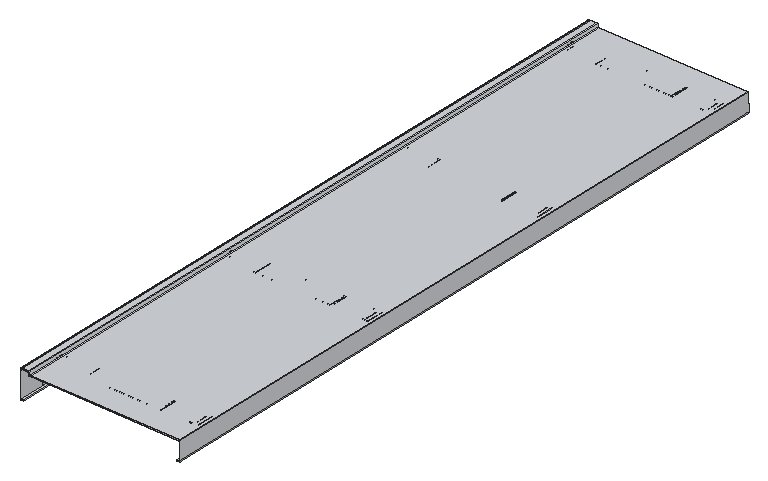
Revit family "ATBB450", category 一般モデル, Revit 2020
Family settings
  鉄筋をホスト可能 = いいえ
  丸型コネクタ寸法 = 直径を使用
  パーツ タイプ = 標準
  作業面ベース = いいえ
  常に垂直 = はい
  ロード時にボイドで切り取り = いいえ
  共有 = いいえ
  部屋計算ポイント = いいえ
Parameters
  笠木長さ [instance] = 2000 mm
  既定の高さ = 0 mm
  定尺笠木長さ = 4000 mm
  固定金具数 [instance] = 4
  判定 [instance] = if(笠木長さ > 4000 mm, 定尺笠木長さ, 笠木長さ)  # 2000 mm
Reference planes
  plane 1 "中心(正面/背面)": y = 0
  plane 2: z = 0
  plane 3 "中心(左/右)": x = 0
  plane 4: y = -2000
  plane 5: y = -100
  plane 6: y = -1900
  plane 7: z = -43
  plane 8: x = -225
  plane 9: x = 225
Forms (mm)
  Extrusion 1, solid
    sketch origin (-852, 0, -951.638) x (1, 0, 0) y (0, 0, 1)
      loop
        line (629, 908.638) -> (637, 908.638) -> (637, 910.638) -> (629, 910.638) -> (629, 984.477)
        arc (629, 984.477) -> (629.628, 985.933) -> (631.119, 986.474) r 2
        line (631.119, 986.474) -> (648.8, 985.763)
        arc (648.8, 985.763) -> (650.014, 985.324) -> (650.707, 984.235) r 2
        line (650.707, 984.235) -> (652.047, 978.204)
        arc (652.047, 978.204) -> (652.705, 977.114) -> (653.886, 976.641) r 2
        line (653.886, 976.641) -> (1073.116, 961.794)
        arc (1073.116, 961.794) -> (1074.455, 961.17) -> (1075, 959.797) r 2
        line (1075, 959.797) -> (1075, 910.638) -> (1067, 910.638) -> (1067, 908.638) -> (1075, 908.638)
        arc (1075, 908.638) -> (1076.414, 909.224) -> (1077, 910.638) r 2
        line (1077, 910.638) -> (1077, 961.718)
        arc (1077, 961.718) -> (1076.451, 963.095) -> (1075.105, 963.715) r 2
        line (1075.105, 963.715) -> (655.538, 978.576)
        arc (655.538, 978.576) -> (654.321, 979.052) -> (653.658, 980.178) r 2
        line (653.658, 980.178) -> (652.334, 986.133)
        arc (652.334, 986.133) -> (651.663, 987.234) -> (650.461, 987.698) r 2
        line (650.461, 987.698) -> (629.08, 988.558)
        arc (629.08, 988.558) -> (627.607, 987.995) -> (627, 986.54) r 2
        line (627, 986.54) -> (627, 910.619)
        arc (627, 910.619) -> (627.592, 909.217) -> (629, 908.638) r 2
    from 0 to 2000
  Extrusion 2, solid, not visible
    sketch origin (33.224, 0, -316.61) x (1, 0, 0) y (0, 0, 1)
      loop
        line (629, 908.638) -> (637, 908.638) -> (637, 910.638) -> (629, 910.638) -> (629, 984.477)
        arc (629, 984.477) -> (629.628, 985.933) -> (631.119, 986.474) r 2
        line (631.119, 986.474) -> (648.8, 985.763)
        arc (648.8, 985.763) -> (650.014, 985.324) -> (650.707, 984.235) r 2
        line (650.707, 984.235) -> (652.047, 978.204)
        arc (652.047, 978.204) -> (652.705, 977.114) -> (653.886, 976.641) r 2
        line (653.886, 976.641) -> (1073.116, 961.794)
        arc (1073.116, 961.794) -> (1074.455, 961.17) -> (1075, 959.797) r 2
        line (1075, 959.797) -> (1075, 910.638) -> (1067, 910.638) -> (1067, 908.638) -> (1075, 908.638)
        arc (1075, 908.638) -> (1076.414, 909.224) -> (1077, 910.638) r 2
        line (1077, 910.638) -> (1077, 961.718)
        arc (1077, 961.718) -> (1076.451, 963.095) -> (1075.105, 963.715) r 2
        line (1075.105, 963.715) -> (655.538, 978.576)
        arc (655.538, 978.576) -> (654.321, 979.052) -> (653.658, 980.178) r 2
        line (653.658, 980.178) -> (652.334, 986.133)
        arc (652.334, 986.133) -> (651.663, 987.234) -> (650.461, 987.698) r 2
        line (650.461, 987.698) -> (629.08, 988.558)
        arc (629.08, 988.558) -> (627.607, 987.995) -> (627, 986.54) r 2
        line (627, 986.54) -> (627, 910.619)
        arc (627, 910.619) -> (627.592, 909.217) -> (629, 908.638) r 2
    from 0 to 250
Dimensions and locks
  "笠木長さ": plane 4 to plane 1 "中心(正面/背面)"
  locked: plane 5 to plane 1 "中心(正面/背面)" at 100
  locked: plane 6 to plane 4 at 100
  plane 9 to plane 3 "中心(左/右)" = 225 mm
  locked: plane 8 to plane 3 "中心(左/右)" at 225
  locked: plane 7 to plane 2 at 43
  locked: nested 1 to plane 1 "中心(正面/背面)" at 75
  equal spacing: group 2, group 4, group 5, group 3  (x2)
  equal spacing: group 3, group 5, group 4, group 2
  locked: nested 2 to plane 6 at 25
  "判定": Extrusion 1 to plane 1 "中心(正面/背面)"
  aligned and locked: level to plane 2
  aligned and locked: plane 7 to Extrusion 1
  aligned and locked: Extrusion 1 to plane 8
  aligned and locked: plane 4 to Extrusion 1
Automatic sketch dimensions
  Extrusion 1 sketch curve to plane 8 = 0 mm
  Extrusion 1 sketch curve to plane 7 = 0 mm  (x2)
  plane 8 to Extrusion 1 sketch curve = 2 mm  (x3)
  Extrusion 1 sketch curve to Extrusion 1 sketch curve = 0 mm  (x15)
  Extrusion 1 sketch curve to Extrusion 1 sketch curve = 2 mm  (x3)
  Extrusion 1 sketch curve to Extrusion 1 sketch curve = 0.119 mm
  Extrusion 1 sketch curve to plane 7 = 2 mm
  Extrusion 1 sketch curve to Extrusion 1 sketch curve = 8 mm
  Extrusion 1 sketch curve to Extrusion 1 sketch curve = 17.763 mm
  Extrusion 1 sketch curve to Extrusion 1 sketch curve = 0.037 mm
  Extrusion 1 sketch curve to Extrusion 1 sketch curve = 1.581 mm
  Extrusion 1 sketch curve to Extrusion 1 sketch curve = 0.326 mm
  Extrusion 1 sketch curve to Extrusion 1 sketch curve = 2.951 mm
  Extrusion 1 sketch curve to Extrusion 1 sketch curve = 0.229 mm
  Extrusion 1 sketch curve to Extrusion 1 sketch curve = 0.342 mm
  Extrusion 1 sketch curve to Extrusion 1 sketch curve = 1.96 mm
  Extrusion 1 sketch curve to plane 9 = 10 mm
  Extrusion 1 sketch curve to plane 9 = 4 mm
  Extrusion 1 sketch curve to Extrusion 1 sketch curve = 0.117 mm
  Extrusion 1 sketch curve to Extrusion 1 sketch curve = 1.884 mm
  Extrusion 1 sketch curve to plane 9 = 2 mm  (x2)
  Extrusion 1 sketch curve to plane 9 = 1.895 mm
  Extrusion 1 sketch curve to plane 7 = 1.981 mm
  level to Extrusion 1 sketch curve = 8.159 mm
  Extrusion 1 sketch curve to Extrusion 1 sketch curve = 1.921 mm
  Extrusion 1 sketch curve to Extrusion 1 sketch curve = 0.076 mm
  Extrusion 1 sketch curve to Extrusion 1 sketch curve = 1.997 mm  (x2)
  level to Extrusion 1 sketch curve = 25.003 mm
  Extrusion 1 sketch curve to Extrusion 1 sketch curve = 1.54 mm
  Extrusion 1 sketch curve to Extrusion 1 sketch curve = 0.397 mm
  Extrusion 1 sketch curve to Extrusion 1 sketch curve = 3.586 mm
  Extrusion 1 sketch curve to Extrusion 1 sketch curve = 0.472 mm
  Extrusion 1 sketch curve to Extrusion 1 sketch curve = 0.714 mm
  Extrusion 1 sketch curve to Extrusion 1 sketch curve = 1.464 mm
  Extrusion 1 sketch curve to Extrusion 1 sketch curve = 1.996 mm
  Extrusion 1 sketch curve to Extrusion 1 sketch curve = 0.066 mm
  Extrusion 1 sketch curve to Extrusion 1 sketch curve = 0.019 mm
  Extrusion 1 sketch curve to Extrusion 1 sketch curve = 0.08 mm  (x2)
  Extrusion 1 sketch curve to Extrusion 1 sketch curve = 0.001 mm  (x6)
  Extrusion 1 sketch curve to Extrusion 1 sketch curve = 1.953 mm
  Extrusion 1 sketch curve to Extrusion 1 sketch curve = 1.952 mm
  Extrusion 1 sketch curve to Extrusion 1 sketch curve = 1.538 mm
  plane 9 to Extrusion 1 sketch curve = 0 mm
  Extrusion 1 sketch curve to Extrusion 1 sketch curve = 0.434 mm
Nested families
  nested 1: "ATAF450" at (0, -75, 0), type "ATAF450"
  nested 2: "ATAF450" at (0, -1875, 0), type "ATAF450"
  nested 3: "ATAF450" at (0, -675, 0), type "ATAF450"
  nested 4: "ATAF450" at (0, -1275, 0), type "ATAF450"
Definition of nested family "ATAF450"
  Parameters
    Default Elevation = 0 mm
  Reference planes
    plane 1 "中心(正面/背面)": y = 0
    plane 2: z = 0
    plane 3 "中心(左/右)": x = 0
  Forms (mm)
    Extrusion 1, solid
      sketch origin (-446.757, 0, -465.973) x (1, 0, 0) y (0, 0, 1)
        loop
          line (659.757, 477.703) -> (637.757, 478.433) -> (637.757, 473.523)
          arc (637.757, 473.523) -> (637.083, 472.025) -> (635.514, 471.537) r 2
          line (635.514, 471.537) -> (621.74, 473.173) -> (610.186, 473.173) -> (557.757, 473.173) -> (557.757, 481.103) -> (553.567, 481.242) -> (553.152, 478.052) -> (553.248, 480.962) -> (446.757, 484.492) -> (343.591, 487.923) -> (343.257, 484.755) -> (343.257, 488.233) -> (338.757, 488.382) -> (338.757, 473.173) -> (283.218, 473.173) -> (272.186, 473.172) -> (263.031, 472.502)
          arc (263.031, 472.502) -> (260.028, 473.569) -> (258.757, 476.491) r 4
          line (258.757, 476.491) -> (258.755, 481.99) -> (257.757, 490.595) -> (233.757, 491.873) -> (223.757, 433.267) -> (223.757, 428.293) -> (225.582, 428.293) -> (236.946, 483.217)
          arc (236.946, 483.217) -> (238.229, 485.274) -> (240.541, 486.004) r 3.5
          line (240.541, 486.004) -> (250.872, 485.454)
          arc (250.872, 485.454) -> (252.565, 484.683) -> (253.257, 482.956) r 2.5
          line (253.257, 482.956) -> (253.257, 465.973) -> (343.257, 465.973) -> (343.257, 478.029) -> (553.257, 471.045) -> (553.257, 465.973) -> (643.357, 465.973) -> (643.357, 471.046)
          arc (643.357, 471.046) -> (644.318, 472.178) -> (645.751, 472.565) r 2.5
          line (645.751, 472.565) -> (653.774, 472.298)
          arc (653.774, 472.298) -> (655.812, 471.558) -> (657.023, 469.76) r 3.5
          line (657.023, 469.76) -> (667.757, 432.061) -> (667.757, 428.293) -> (669.757, 428.293) -> (669.757, 435.292) -> (659.757, 477.703)
      from 0 to 50
  Dimensions and locks
    Extrusion 1 sketch curve to Extrusion 1 sketch curve = 223 mm
    Extrusion 1 to plane 3 "中心(左/右)" = 223 mm
    Extrusion 1 to level = 0 mm
    aligned and locked: level to plane 2
